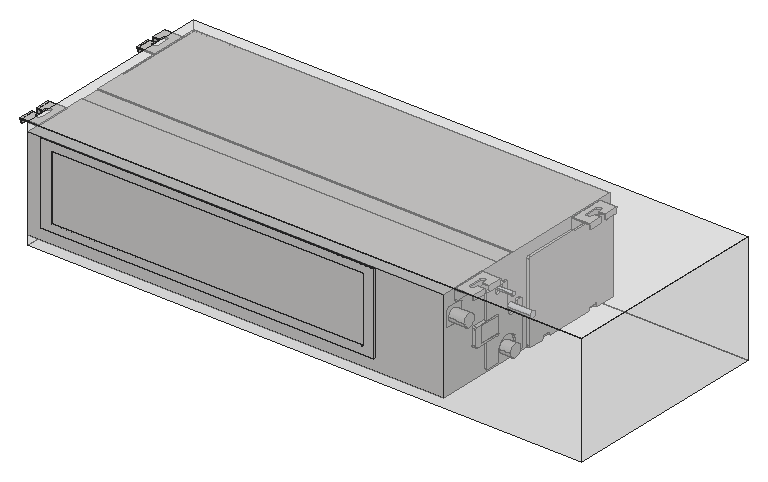
Revit family "outputfile", category 機械設備, Revit 2024
Family settings
  丸型コネクタ寸法 = 半径を使用
  パーツ タイプ = 標準
  OmniClass 番号 = 23.75.10.24.21.27.27
  OmniClass タイトル = Split System Air Conditioning Units
  作業面ベース = いいえ
  常に垂直 = はい
  ロード時にボイドで切り取り = いいえ
  注釈の向きを維持 = いいえ
  共有 = いいえ
  部屋計算ポイント = はい
Parameters (values of type "FPDAQ50APVM")
  Description = ""
  製造元 = "Daikin"
  書き出し IFC クラス(タイプ) = "IfcUnitaryEquipmentType"
  定義済み IFC タイプ(タイプ) = "AIRCONDITIONINGUNIT"
  Cost = 0
  モデル = "FPDAQ50APVM"
  Type Comments = ""
  Keynote = ""
  Type Image = (empty or 0)
  Assembly Code = ""
  lw_suctionflange = 36.75 mm  # constant formula
  r_Liquid Pipe Size = Liquid Pipe Size / 2  # 3.2 mm
  r_Gas Pipe Size = Gas Pipe Size / 2  # 6.35 mm
  r_Drain Pipe Size = Drain Pipe Size / 2  # 13.0 mm
  lw_dischargeflange = 60.0 mm  # constant formula
  lw_SA_left = 451.0 mm
  lw_SA = Width - 178.0 mm  # 722.0 mm
  lw_RA = 824.5 mm
  lh_suctionflange [instance] = if(Rear Connection_Return Air, -100.0 mm, -10.0 mm)  # -100.0 mm
  lh_power = 100.0 mm  # constant formula
  lh_mountinghole1 = lh_mountinghole  # 200.0 mm
  lh_dischargeflange = 112.0 mm  # constant formula
  lh_RA = 198.0 mm  # constant formula
  ld_dischargeflange = 225.0 mm  # constant formula
  ld_suctionflange [instance] = if(Rear Connection_Return Air, 190.0 mm, 100.0 mm)  # 190.0 mm
  angle_vertical_RA [instance] = if(Rear Connection_Return Air, 90.00°, 0.00°)  # 90.00°
  angle horizontal_RA [instance] = if(Rear Connection_Return Air, 180.00°, 270.00°)  # 180.00°
  Voltage_comment_60Hz = "220-230"
  Voltage_comment_50Hz = "220 - 240"
  Voltage_60Hz = 220 V
  Voltage_50Hz = 230 V
  URL = ""
  Supply Air Direction [instance] = yes
  Sound Power Level_H speed (dB) = 0
  Rear Connection_Return Air [instance] = not(Bottom Connection_Return Air)  # yes
  ld_RA = 190.0 mm  # constant formula
  Phase_60Hz = 1
  Phase_50Hz = 1
  Minimum External Static Pressure = 0.00 Pa
  Minimum Circuit Amps_60Hz = 0.63 A
  Minimum Circuit Amps_50Hz = 0.63 A
  Maximum Fuse Amps_60Hz = 16.0 A
  Maximum Fuse Amps_50Hz = 16.0 A
  Maximum External Static Pressure = 10.00 Pa
  Material_Casing = DAIKIN_GalvanizedSteel_Casing_indoorunit
  lw_mountinghole = 940.0 mm
  lh_gaspipe = -98.0 mm  # constant formula
  lh_mountinghole = 200.0 mm  # constant formula
  lh_liquidpipe = -45.5 mm  # constant formula
  lh_drainpipe = -50.0 mm  # constant formula
  lh_antena = 1.0 mm  # constant formula
  ld_drainpipe = 197.0 mm  # constant formula
  ld_liquidpipe = 84.0 mm  # constant formula
  ld_gaspipe = 46.5 mm  # constant formula
  ld_mountinghole = 315.0 mm  # constant formula
  h*** = 100.0 mm  # constant formula
  lw_liquidpipe = 40.0 mm  # constant formula
  lw_gaspipe = 51.0 mm  # constant formula
  lw_drainpipe = 33.0 mm  # constant formula
  Width = 900.0 mm
  Version = "ver.1.0"
  Unit Type = "3D Air Flow Ceiling Mounted Duct Type"
  Unit Mass Weight = 20.00 kg
  Unit Designation [instance] = ""
  Uniclass2015Version = "Products v1.30"
  Uniclass2015Title = "Variable refrigerant flow units"
  Uniclass2015Code = "Pr_70_65_03_94"
  Total Cooling Capacity [instance] = 0.000 kW
  Sound Pressure Level_M speed (dBA) = 35
  Sound Pressure Level_L speed (dBA) = 31
  Sound Pressure Level_H speed (dBA) = 39
  Series = "VRV HOME_Fan Coil Unit"
  Sensible Cooling Capacity [instance] = 0.000 kW
  SA Duct Size Width = 656.0 mm
  SA Duct Size Height = 141.0 mm
  Refrigerant Type = "R410A"
  RA Duct Size Width = 798.5 mm
  RA Duct Size Height = 172.0 mm
  Power Input (Cooling) = 0.049 kW
  Option Accessory 3 [instance] = ""
  Option Accessory 2 [instance] = ""
  Option Accessory 1 [instance] = ""
  Nominal Cooling Capacity = 5.600 kW
  Minimum Airflow = 630.00 m³/h
  Median Airflow = 780.00 m³/h
  Maximum Airflow = 900.00 m³/h
  Load Classification = HVAC
  Liquid Pipe Size = 6.4 mm
  Link_Nested Family [instance] = ""
  IfcVersion = ""
  IfcExportType = "AIRCONDITIONINGUNIT"
  IfcExportAs = "IfcUnitaryEquipmentType"
  Height = 200.0 mm
  Heat Exchanger Type = "Cross Fin Coil"
  Gas Pipe Size = 12.7 mm
  Frequency_60Hz = 60 Hz
  Frequency_50Hz = 50 Hz
  Fan Type = "Sirocco Fan"
  Fan Drive = "Direct Drive"
  FCU Tag No. [instance] = ""
  Drain Pipe Size = 26.0 mm
  Design Supply Airflow [instance] = 0.00 m³/h
  Design Return Airflow [instance] = 0.00 m³/h
  Design External Static Pressure [instance] = 0.00 Pa
  Depth = 450.0 mm
  既定の高さ = 0.0 mm
  Cooling Entering Wet Bulb Temperature [instance] = 0.00 °C
  Cooling Entering Dry Bulb Temperature [instance] = 0.00 °C
  Cooling Ambient Wet Bulb Temperature [instance] = 0.00 °C
  Cooling Ambient Dry Bulb Temperature [instance] = 0.00 °C
  Clearance visibility [instance] = yes
  Clearance Top = 20.0 mm
  Clearance Right = 300.0 mm
  Clearance Rear = 0.0 mm
  Clearance Left = 0.0 mm
  Clearance Front = 0.0 mm
  Clearance Bottom = 20.0 mm
  Bottom Connection_Return Air [instance] = no
  left_pipe = yes
Reference planes
  plane 1 "Center (Front/Back)": y = 0
  plane 2 "h": z = 0
  plane 3 "Center (Left/Right)": x = 0
  plane 4 "Back": y = 225
  plane 5 "Front": y = -225
  plane 6 "Left": x = -450
  plane 7 "Reight": x = 450
  plane 8 "Top": z = 0
  plane 9 "Bottom": z = -200
  plane 10: z = 1.2
  plane 11: z = -2
  plane 12: y = -136.255
  plane 13: z = -130.998
  plane 14: y = -88.831
  plane 15: x = -370
  plane 16 "lh_mountinghole": z = 0
  plane 17: y = -197
  plane 18: z = -50
  plane 19: y = -157.5
  plane 20: y = 157.5
  plane 21 "ld_liquidpipe": y = -84
  plane 22 "ld_gaspipe": y = -46.5
  plane 23: y = -215
  plane 24 "ld_maintenacesocket": y = -197
  plane 25: x = -470
  plane 26: x = -450
  plane 27: x = 448.7
  plane 28: x = 483
  plane 29: x = 457
  plane 30: x = 460
  plane 31: x = 458
  plane 32: x = 470
  plane 33: y = -62
  plane 34: x = 475.5
  plane 35: x = 448
  plane 36: y = 225
  plane 37: y = -225
  plane 38: x = -450
  plane 39: x = 750
  plane 40: z = 20
  plane 41: z = -220
  plane 42: y = 250
  plane 43: z = -198
  plane 44: z = 205.102
  plane 45 "d_liquid_pipe": x = 490
  plane 46 "d_gas_pipe": x = 501
  plane 47 "ld_SA": y = -225
  plane 48: x = -350
  plane 49: x = -60
  plane 50: y = 415
  plane 51: z = -88
  plane 52: z = -189.5
  plane 53: x = -449
  plane 54: z = -199
  plane 55: z = -1
  plane 56: y = 35
  plane 57: y = 25
  plane 58: z = -10
  plane 59 "RA_width": x = -36.75
  plane 60: y = 125
  plane 61 "RA_depth": y = 35
  plane 62: z = -100
  plane 63: x = -349
  plane 64: y = 224
  plane 65: x = 342.57
  plane 66: z = -31.16
  plane 67: x = 402
  plane 68: y = 158.8
  plane 69 "h86.5": z = -113.5
  plane 70: y = 111
Forms (mm)
  Extrusion 1, solid, material "DAIKIN_GalvanizedSteel_Casing_indoorunit" <- "Material_Casing"
    sketch origin (0, 0, 0) x (1, 0, 0) y (0, 1, 0)
      loop
        line (-450, 225) -> (-450, -225) -> (450, -225) -> (450, 225) -> (-450, 225)
    from -200 to 0
  Extrusion 2, solid, material "DAIKIN_GalvanizedSteel_Casing_indoorunit" <- "Material_Casing"
    sketch origin (0, 0.312, 0) x (0, 1, 0) y (0, 0, 1)
      loop
        line (182.791, -198) -> (224.688, -198) -> (224.688, -22.445) -> (195.656, -22.445) -> (192.165, -25.937) -> (122.336, -25.937) -> (118.844, -22.445) -> (1.633, -22.445)
        arc (1.633, -22.445) -> (-0.483, -23.322) -> (-1.36, -25.438) r 2.993
        line (-1.36, -25.438) -> (-1.36, -195.007)
        arc (-1.36, -195.007) -> (-0.483, -197.123) -> (1.633, -198) r 2.993
        line (1.633, -198) -> (31.061, -198)
        arc (31.061, -198) -> (33.177, -197.124) -> (34.053, -195.008) r 2.992
        line (34.053, -195.008) -> (34.053, -188.29)
        arc (34.053, -188.29) -> (35.55, -186.794) -> (37.046, -188.29) r 1.496
        line (37.046, -188.29) -> (37.046, -190.333) -> (52.01, -190.333) -> (52.01, -188.29)
        arc (52.01, -188.29) -> (53.506, -186.794) -> (55.002, -188.29) r 1.496
        line (55.002, -188.29) -> (55.002, -195.007)
        arc (55.002, -195.007) -> (55.879, -197.123) -> (57.995, -198) r 2.993
        line (57.995, -198) -> (155.756, -198)
        arc (155.756, -198) -> (157.872, -197.123) -> (158.749, -195.007) r 2.993
        line (158.749, -195.007) -> (158.749, -188.29)
        arc (158.749, -188.29) -> (160.245, -186.794) -> (161.741, -188.29) r 1.496
        line (161.741, -188.29) -> (161.741, -190.333) -> (176.705, -190.333) -> (176.705, -188.29)
        arc (176.705, -188.29) -> (178.201, -186.794) -> (179.697, -188.29) r 1.496
        line (179.697, -188.29) -> (179.697, -195.005)
        arc (179.697, -195.005) -> (180.571, -197.115) -> (182.682, -197.989) r 2.984
      loop
        arc (-61.313, -42.952) -> (-62.034, -41.571) -> (-63.466, -40.958) r 2.32
        line (-63.466, -40.958) -> (-70.317, -40.958)
        arc (-70.317, -40.958) -> (-71.728, -41.542) -> (-72.313, -42.953) r 1.995
        line (-72.313, -42.953) -> (-72.313, -45.5)
        arc (-72.313, -45.5) -> (-84.313, -57.5) -> (-96.313, -45.5) r 12
        line (-96.313, -45.5) -> (-96.313, -42.953)
        arc (-96.313, -42.953) -> (-96.897, -41.542) -> (-98.308, -40.958) r 1.995
        line (-98.308, -40.958) -> (-115.14, -40.958)
        arc (-115.14, -40.958) -> (-116.551, -41.542) -> (-117.135, -42.953) r 1.995
        line (-117.135, -42.953) -> (-117.135, -189.5) -> (-22.307, -189.5) -> (-22.307, -92.768)
        arc (-22.307, -92.768) -> (-22.891, -91.358) -> (-24.302, -90.773) r 1.995
        line (-24.302, -90.773) -> (-30.318, -90.773)
        arc (-30.318, -90.773) -> (-31.728, -91.358) -> (-32.313, -92.768) r 1.995
        line (-32.313, -92.768) -> (-32.313, -99.963)
        arc (-32.313, -99.963) -> (-47.621, -112.774) -> (-61.313, -98.249) r 14.551
        line (-61.313, -98.249) -> (-61.313, -42.952)
    from 450 to 457
  Extrusion 3, solid, material "DAIKIN_GalvanizedSteel_Casing_indoorunit" <- "Material_Casing"
    sketch origin (0, 0, 0) x (0, 1, 0) y (0, 0, 1)
      loop
        line (-91.821, -94.277) -> (-145.472, -94.277)
        arc (-145.472, -94.277) -> (-147.727, -95.07) -> (-148.682, -97.262) r 2.993
        line (-148.682, -97.262) -> (-148.682, -131.007)
        arc (-148.682, -131.007) -> (-147.871, -133.233) -> (-145.694, -134.172) r 2.993
        line (-145.694, -134.172) -> (-92.043, -134.172)
        arc (-92.043, -134.172) -> (-89.788, -133.378) -> (-88.833, -131.187) r 2.993
        line (-88.833, -131.187) -> (-88.831, -97.148)
        arc (-88.831, -97.148) -> (-89.748, -95.111) -> (-91.821, -94.277) r 2.993
    from 450 to 460
  Extrusion 4, void
    sketch origin (0, 0, 0) x (1, 0, 0) y (0, 1, 0)
      loop
        line (448.7, -35.647) -> (-450, -35.647) -> (-450, -77.912) -> (448.7, -77.912) -> (448.7, -35.647)
    from -2 to 0
  Extrusion 5, void
    sketch origin (0, 0, 0) x (0, 1, 0) y (0, 0, 1)
      loop
        line (-136.255, -95.719) -> (-136.255, -130.724) -> (-88.831, -130.724) -> (-88.831, -95.719) -> (-136.255, -95.719)
    from 458 to 460
  Extrusion 6, void
    sketch origin (0, 0, 29.537) x (0, 1, 0) y (0, 0, 1)
      loop
        arc (-37.558, -199.001) -> (-61.998, -174.561) -> (-86.438, -199.001) r 24.44
        line (-86.438, -199.001) -> (-86.438, -219.037) -> (-37.558, -219.037) -> (-37.558, -199.001)
    from 457 to 450
  Extrusion 7, solid, material "DAIKIN_GalvanizedSteel_Casing_indoorunit" <- "Material_Casing"
    sketch origin (0, 0, 0) x (0, 1, 0) y (0, 0, 1)
      loop
        circle (-62, -170) r 12.968
    from 450 to 475.5
  Extrusion 8, solid, material "DAIKIN_GalvanizedSteel_Casing_indoorunit" <- "Material_Casing"
    sketch origin (0, 0, 0) x (0, 1, 0) y (0, 0, 1)
      loop
        circle (-197, -50) r 13
    from 448 to 483
  Extrusion 9, void
    sketch origin (0, 0, 0) x (0, 1, 0) y (0, 0, 1)
      loop
        arc (-212.961, -29.051) -> (-216.488, -30.512) -> (-217.949, -34.039) r 4.988
        line (-217.949, -34.039) -> (-217.949, -63.961)
        arc (-217.949, -63.961) -> (-216.488, -67.488) -> (-212.961, -68.949) r 4.988
        line (-212.961, -68.949) -> (-181.039, -68.949)
        arc (-181.039, -68.949) -> (-177.512, -67.488) -> (-176.051, -63.961) r 4.988
        line (-176.051, -63.961) -> (-176.051, -34.039)
        arc (-176.051, -34.039) -> (-177.512, -30.512) -> (-181.039, -29.051) r 4.988
        line (-181.039, -29.051) -> (-212.961, -29.051)
    from 448 to 450
  Extrusion 10, solid
    sketch origin (0, 0, 0) x (0, 1, 0) y (0, 0, 1)
      loop
        circle (-84, -45.5) r 3.2
    from 450 to 490
  Extrusion 11, solid
    sketch origin (0, 0, 0) x (0, 1, 0) y (0, 0, 1)
      loop
        circle (-46.5, -98) r 6.35
    from 450 to 501
  Extrusion 12, solid, material "DAIKIN_GalvanizedSteel_Casing_indoorunit" <- "Material_Casing"
    sketch origin (0, 0, 0) x (1, 0, 0) y (0, 1, 0)
      loop
        circle (402, 158.8) r 25
    from -198 to -200
  Extrusion 13, void
    sketch origin (0, 0, 0) x (1, 0, 0) y (0, 0, 1)
      loop
        line (-449, -1) -> (-449, -199) -> (362.5, -199) -> (362.5, -1) -> (-449, -1)
    from -225 to -35
  Extrusion 14, void
    sketch origin (0, 0, 0) x (1, 0, 0) y (0, 1, 0)
      loop
        line (-449, 224) -> (-449, 26) -> (362.5, 26) -> (362.5, 224) -> (-449, 224)
    from -200 to -10
  Extrusion 15, solid, material "DAIKIN_GalvanizedSteel_Casing_indoorunit" <- "Material_Casing", visible <- "Rear Connection_Return Air"
    sketch origin (0, 0, 0) x (1, 0, 0) y (0, 1, 0)
      loop
        line (362.5, 224) -> (-449, 224) -> (-449, 26) -> (362.5, 26) -> (362.5, 224)
    from -200 to -199
  Extrusion 16, solid, material "DAIKIN_GalvanizedSteel_Casing_indoorunit" <- "Material_Casing", visible <- "Bottom Connection_Return Air"
    sketch origin (0, 0, 0) x (1, 0, 0) y (0, 0, 1)
      loop
        line (362.5, -1) -> (-449, -1) -> (-449, -199) -> (362.5, -199) -> (362.5, -1)
    from -225 to -215
  Extrusion 17, void
    sketch origin (-450, 0, 0) x (0, 1, 0) y (0, 0, 1)
      loop
        line (152, -88.5) -> (70, -88.5) -> (70, -138.5) -> (152, -138.5) -> (152, -88.5)
    from 0 to 0.5
  Revolve 18, solid, material "DAIKIN_GalvanizedSteel_Casing_indoorunit" <- "Material_Casing", visible <- "left_pipe"
    sketch origin (0, 0, -113.5) x (0, 1, 0) y (-1, 0, 0)
      loop
        line (111, 449.5) -> (111, 473) -> (103.5, 473) -> (103.5, 459) -> (93.5, 459) -> (93.5, 457.5) -> (90, 457.5) -> (90, 449.5) -> (111, 449.5)
      axis (111, 473) -> (111, 449.5)
    angle from 0 to 360
Cuts and joins
  Extrusion 4, Extrusion 5, Extrusion 9, Extrusion 13, Extrusion 14, Extrusion 17 cuts Extrusion 1
  Extrusion 5 cuts Extrusion 3
  Extrusion 6 cuts Extrusion 2
  Extrusion 13 cuts Extrusion 8
Dimensions and locks
  "Height": plane 8 "Top" to plane 9 "Bottom"
  locked: plane 10 to plane 8 "Top" at 1.2
  locked: plane 8 "Top" to plane 11 at 2
  locked: Extrusion 6 sketch curve to Extrusion 6 sketch curve at 48.881
  locked: Extrusion 6 sketch curve to Extrusion 6 sketch curve at 20.035  (x2)
  equal spacing: plane 19, plane 1 "Center (Front/Back)", plane 20
  "ld_mountinghole": plane 19 to plane 20
  "ld_gaspipe": plane 22 "ld_gaspipe" to plane 1 "Center (Front/Back)"
  "ld_liquidpipe": plane 21 "ld_liquidpipe" to plane 1 "Center (Front/Back)"
  "ld_drainpipe": plane 24 "ld_maintenacesocket" to plane 1 "Center (Front/Back)"
  equal spacing: plane 4 "Back", plane 1 "Center (Front/Back)", plane 5 "Front"
  "Depth": plane 4 "Back" to plane 5 "Front"
  locked: plane 12 to plane 1 "Center (Front/Back)" at 136.255
  locked: plane 12 to plane 14 at 47.425
  locked: plane 14 to plane 1 "Center (Front/Back)" at 88.831
  locked: plane 13 to plane 9 "Bottom" at 69.002
  equal spacing: plane 6 "Left", plane 3 "Center (Left/Right)", plane 7 "Reight"
  "Width": plane 6 "Left" to plane 7 "Reight"
  "lw_drainpipe": plane 7 "Reight" to plane 28
  locked: plane 7 "Reight" to plane 29 at 7
  locked: plane 30 to plane 28 at 23
  locked: plane 31 to plane 28 at 25
  equal spacing: plane 25, plane 3 "Center (Left/Right)", plane 32
  "lw_mountinghole": plane 25 to plane 32
  locked: plane 7 "Reight" to plane 34 at 25.5
  locked: plane 35 to plane 7 "Reight" at 2
  "Clearance Left": plane 38 to plane 6 "Left"
  "Clearance Right": plane 7 "Reight" to plane 39
  "Clearance Rear": plane 36 to plane 4 "Back"
  "Clearance Front": plane 5 "Front" to plane 37
  "Clearance Top": plane 40 to plane 8 "Top"
  "Clearance Bottom": plane 9 "Bottom" to plane 41
  locked: plane 42 to plane 4 "Back" at 25
  locked: plane 27 to plane 7 "Reight" at 1.3
  locked: plane 43 to plane 9 "Bottom" at 2
  "lw_liquidpipe": plane 7 "Reight" to plane 45 "d_liquid_pipe"
  "lw_gaspipe": plane 7 "Reight" to plane 46 "d_gas_pipe"
  "lh_mountinghole": plane 16 "lh_mountinghole" to plane 9 "Bottom"
  "ld_suctionflange": plane 50 to plane 4 "Back"
  "lw_dischargeflange": plane 49 to plane 3 "Center (Left/Right)"
  "lh_dischargeflange": plane 51 to plane 9 "Bottom"
  locked: plane 52 to plane 9 "Bottom" at 10.5
  locked: plane 33 to plane 1 "Center (Front/Back)" at 62
  locked: plane 8 "Top" to plane 55 at 1
  locked: plane 53 to plane 6 "Left" at 1
  locked: plane 54 to plane 9 "Bottom" at 1
  locked: plane 58 to plane 9 "Bottom" at 190
  locked: plane 4 "Back" to plane 56 at 190
  locked: plane 4 "Back" to plane 57 at 200
  locked: plane 4 "Back" to plane 60 at 100
  "lw_suctionflange": plane 59 "RA_width" to plane 3 "Center (Left/Right)"
  "ld_suctionflange": plane 4 "Back" to plane 61 "RA_depth"
  "lh_power": plane 62 to plane 9 "Bottom"
  locked: plane 48 to plane 63 at 1
  locked: plane 36 to plane 64 at 1
  locked: plane 8 "Top" to plane 66 at 31.16
  locked: plane 7 "Reight" to plane 65 at 107.43
  locked: plane 18 to plane 9 "Bottom" at 150
  locked: plane 67 to plane 7 "Reight" at 48
  locked: Extrusion 17 sketch curve to Extrusion 17 sketch curve at 82
  locked: Extrusion 17 sketch curve to Extrusion 17 sketch curve at 50
  locked: plane 4 "Back" to Extrusion 17 sketch curve at 73
  locked: Extrusion 17 sketch curve to plane 9 "Bottom" at 61.5
  locked: plane 69 "h86.5" to plane 9 "Bottom" at 86.5
  locked: plane 4 "Back" to plane 70 at 114
  locked: plane 70 to Revolve 18 sketch curve at 21
  locked: plane 70 to Revolve 18 sketch curve at 17.5
  locked: plane 70 to Revolve 18 sketch curve at 7.5
  locked: Revolve 18 sketch curve to plane 6 "Left" at 23
  cut or joined group of Extrusion 1, Extrusion 4, Extrusion 5, Extrusion 9, Extrusion 13, Extrusion 14, Extrusion 17 to nested 16 = 798.5 mm
  nested 16 to nested 9 = 14.0 mm
  nested 16 to cut or joined group of Extrusion 1, Extrusion 4, Extrusion 5, Extrusion 9, Extrusion 13, Extrusion 14, Extrusion 17 = 13.0 mm
  "ld_dischargeflange": plane 47 "ld_SA" to plane 1 "Center (Front/Back)"
  plane 4 "Back" to plane 68 = 66.2 mm
  "Drain Pipe Size": diameter of Extrusion 8 sketch curve
  "Liquid Pipe Size": diameter of Extrusion 10 sketch curve
  "Gas Pipe Size": diameter of Extrusion 11 sketch curve
  aligned and locked: level to plane 2 "h"
  aligned and locked: plane 8 "Top" to Extrusion 1
  aligned and locked: Extrusion 1 to plane 9 "Bottom"
  aligned and locked: cut or joined group of Extrusion 1, Extrusion 4, Extrusion 5, Extrusion 9, Extrusion 13, Extrusion 14, Extrusion 17 to plane 8 "Top"
  aligned and locked: Extrusion 4 to plane 11
  aligned and locked: plane 8 "Top" to Extrusion 4
  aligned and locked: Extrusion 3 to Extrusion 5
  aligned and locked: plane 14 to Extrusion 5 sketch curve
  aligned and locked: Extrusion 5 sketch curve to plane 12
  aligned and locked: plane 19 to nested 1
  aligned and locked: nested 3 to plane 19
  aligned and locked: nested 2 to plane 20
  aligned and locked: nested 4 to plane 22 "ld_gaspipe"
  aligned and locked: nested 5 to plane 21 "ld_liquidpipe"
  aligned and locked: nested 6 to plane 24 "ld_maintenacesocket"
  aligned and locked: plane 4 "Back" to cut or joined group of Extrusion 2, Extrusion 6
  aligned and locked: nested 1 to plane 7 "Reight"
  aligned and locked: plane 6 "Left" to plane 26
  aligned and locked: Extrusion 4 sketch curve to plane 26
  aligned and locked: Extrusion 4 sketch curve to plane 27
  aligned and locked: cut or joined group of Extrusion 1, Extrusion 4, Extrusion 5, Extrusion 9, Extrusion 13, Extrusion 14, Extrusion 17 to plane 6 "Left"
  aligned and locked: plane 7 "Reight" to cut or joined group of Extrusion 1, Extrusion 4, Extrusion 5, Extrusion 9, Extrusion 13, Extrusion 14, Extrusion 17
  aligned and locked: plane 28 to Extrusion 8
  aligned and locked: Extrusion 8 to plane 28  (x2)
  aligned and locked: cut or joined group of Extrusion 2, Extrusion 6 to plane 29
  aligned and locked: plane 29 to cut or joined group of Extrusion 2, Extrusion 6  (x3)
  aligned and locked: plane 7 "Reight" to nested 1
  aligned and locked: cut or joined group of Extrusion 2, Extrusion 6 to plane 7 "Reight"
  aligned and locked: Extrusion 2 to Extrusion 6
  aligned and locked: Extrusion 6 to plane 7 "Reight"
  aligned and locked: plane 30 to cut or joined group of Extrusion 3, Extrusion 5
  aligned and locked: cut or joined group of Extrusion 3, Extrusion 5 to plane 31
  aligned and locked: nested 2 to plane 6 "Left"
  aligned and locked: nested 3 to plane 6 "Left"
  aligned and locked: plane 33 to Extrusion 7 sketch curve
  aligned and locked: Extrusion 7 to plane 7 "Reight"
  aligned and locked: plane 34 to Extrusion 7
  aligned and locked: Extrusion 3 to plane 7 "Reight"
  aligned and locked: plane 7 "Reight" to Extrusion 9
  aligned and locked: plane 35 to Extrusion 9
  aligned and locked: plane 35 to Extrusion 8
  aligned and locked: plane 20 to nested 7
  aligned and locked: plane 3 "Center (Left/Right)" to nested 8
  aligned and locked: plane 1 "Center (Front/Back)" to nested 8
  aligned and locked: plane 7 "Reight" to nested 7
  aligned and locked: plane 4 "Back" to cut or joined group of Extrusion 1, Extrusion 4, Extrusion 5, Extrusion 9, Extrusion 13, Extrusion 14, Extrusion 17
  aligned and locked: nested 9 to plane 37
  aligned and locked: plane 38 to nested 9
  aligned and locked: plane 39 to nested 9
  aligned and locked: nested 9 to plane 38
  aligned and locked: plane 36 to nested 9
  aligned and locked: plane 40 to nested 9
  aligned and locked: plane 41 to nested 9
  aligned and locked: cut or joined group of Extrusion 1, Extrusion 4, Extrusion 5, Extrusion 9, Extrusion 13, Extrusion 14, Extrusion 17 to plane 9 "Bottom"
  aligned and locked: Extrusion 10 to plane 7 "Reight"
  aligned and locked: plane 45 "d_liquid_pipe" to Extrusion 10
  aligned and locked: plane 22 "ld_gaspipe" to Extrusion 11 sketch curve
  aligned and locked: Extrusion 11 to plane 7 "Reight"
  aligned and locked: plane 46 "d_gas_pipe" to Extrusion 11
  aligned and locked: plane 46 "d_gas_pipe" to nested 4
  aligned and locked: plane 45 "d_liquid_pipe" to nested 5
  aligned and locked: plane 21 "ld_liquidpipe" to Extrusion 10 sketch curve
  aligned and locked: plane 16 "lh_mountinghole" to nested 3
  aligned and locked: plane 16 "lh_mountinghole" to nested 2
  aligned and locked: plane 16 "lh_mountinghole" to nested 1
  aligned and locked: plane 16 "lh_mountinghole" to nested 7
  aligned and locked: plane 32 to nested 10
  aligned and locked: plane 19 to nested 10
  aligned and locked: plane 32 to nested 13
  aligned and locked: plane 20 to nested 13
  aligned and locked: plane 25 to nested 11
  aligned and locked: plane 20 to nested 11
  aligned and locked: plane 25 to nested 12
  aligned and locked: plane 19 to nested 12
  aligned and locked: plane 49 to nested 14
  aligned and locked: plane 51 to nested 14
  aligned and locked: plane 20 to nested 15
  aligned and locked: plane 52 to Extrusion 2 sketch curve
  aligned and locked: cut or joined group of Extrusion 2, Extrusion 6 to Extrusion 12
  aligned and locked: Extrusion 12 to plane 9 "Bottom"
  aligned and locked: nested 15 to plane 9 "Bottom"
  aligned and locked: Extrusion 2 sketch curve to plane 43  (x3)
  aligned and locked: plane 53 to Extrusion 13 sketch curve
  aligned and locked: Extrusion 13 sketch curve to plane 55
  aligned and locked: plane 54 to Extrusion 13 sketch curve
  aligned and locked: plane 4 "Back" to Extrusion 13
  aligned and locked: nested 16 to cut or joined group of Extrusion 1, Extrusion 4, Extrusion 5, Extrusion 9, Extrusion 13, Extrusion 14, Extrusion 17
  aligned and locked: Extrusion 14 to plane 9 "Bottom"
  aligned and locked: plane 58 to Extrusion 14
  aligned and locked: Extrusion 15 sketch curve to cut or joined group of Extrusion 1, Extrusion 4, Extrusion 5, Extrusion 9, Extrusion 13, Extrusion 14, Extrusion 17  (x2)
  aligned and locked: cut or joined group of Extrusion 1, Extrusion 4, Extrusion 5, Extrusion 9, Extrusion 13, Extrusion 14, Extrusion 17 to Extrusion 15 sketch curve
  aligned and locked: Extrusion 15 to plane 9 "Bottom"
  aligned and locked: Extrusion 13 to plane 56
  aligned and locked: Extrusion 16 sketch curve to cut or joined group of Extrusion 1, Extrusion 4, Extrusion 5, Extrusion 9, Extrusion 13, Extrusion 14, Extrusion 17  (x3)
  aligned and locked: plane 4 "Back" to Extrusion 16
  aligned and locked: Extrusion 15 to cut or joined group of Extrusion 1, Extrusion 4, Extrusion 5, Extrusion 9, Extrusion 13, Extrusion 14, Extrusion 17
  aligned and locked: plane 7 "Reight" to nested 6
  aligned and locked: plane 24 "ld_maintenacesocket" to nested 6
  aligned and locked: plane 61 "RA_depth" to nested 17
  aligned and locked: plane 67 to Extrusion 12 sketch curve
  aligned and locked: plane 68 to Extrusion 12 sketch curve
  aligned and locked: plane 67 to nested 15
  aligned and locked: nested 18 to Extrusion 16
  aligned and locked: plane 70 to Revolve 18 sketch curve
  aligned and locked: plane 49 to nested 19
  aligned and locked: plane 47 "ld_SA" to nested 19
  aligned and locked: plane 1 "Center (Front/Back)" to nested 14
  aligned and locked: nested 19 to plane 51
Automatic sketch dimensions
  Extrusion 3 sketch curve to Extrusion 3 sketch curve = 0.217 mm  (x2)
  Extrusion 3 sketch curve to Extrusion 3 sketch curve = 2.985 mm  (x2)
  Extrusion 3 sketch curve to Extrusion 3 sketch curve = 53.651 mm
  Extrusion 3 sketch curve to Extrusion 3 sketch curve = 2.988 mm
  Extrusion 3 sketch curve to Extrusion 3 sketch curve = 0.172 mm
  Extrusion 3 sketch curve to Extrusion 3 sketch curve = 0.222 mm
  Extrusion 3 sketch curve to Extrusion 3 sketch curve = 2.993 mm
  Extrusion 3 sketch curve to Extrusion 3 sketch curve = 0.008 mm
  plane 1 "Center (Front/Back)" to Extrusion 4 sketch curve = 77.912 mm
  plane 1 "Center (Front/Back)" to Extrusion 4 sketch curve = 35.647 mm
  plane 9 "Bottom" to Extrusion 7 sketch curve = 30.0 mm
  Extrusion 3 sketch curve to Extrusion 3 sketch curve = 2.99 mm
  plane 9 "Bottom" to Extrusion 3 sketch curve = 65.828 mm
  Extrusion 3 sketch curve to Extrusion 3 sketch curve = 33.917 mm
  Extrusion 3 sketch curve to Extrusion 3 sketch curve = 33.745 mm
  Extrusion 3 sketch curve to plane 19 = 8.818 mm
  plane 23 to Extrusion 1 sketch curve = 10.0 mm
  Extrusion 1 sketch curve to plane 6 "Left" = 0.0 mm
  Extrusion 1 sketch curve to plane 7 "Reight" = 0.0 mm
  plane 23 to Extrusion 9 sketch curve = 2.949 mm
  Extrusion 9 sketch curve to plane 23 = 2.039 mm  (x2)
  Extrusion 9 sketch curve to plane 24 "ld_maintenacesocket" = 15.961 mm
  Extrusion 9 sketch curve to Extrusion 9 sketch curve = 4.988 mm  (x2)
  Extrusion 1 sketch curve to plane 4 "Back" = 0.0 mm
  plane 21 "ld_liquidpipe" to Extrusion 6 sketch curve = 2.438 mm
  plane 43 to Extrusion 6 sketch curve = 8.5 mm
  plane 6 "Left" to Extrusion 14 sketch curve = 1.0 mm
  Extrusion 14 sketch curve to plane 7 "Reight" = 87.5 mm
  Extrusion 14 sketch curve to plane 4 "Back" = 1.0 mm
  Extrusion 15 sketch curve to plane 4 "Back" = 1.0 mm
  plane 51 to Extrusion 5 sketch curve = 7.719 mm
  Extrusion 9 sketch curve to plane 51 = 19.051 mm
  Extrusion 9 sketch curve to plane 58 = 24.039 mm
  Extrusion 10 sketch curve to plane 58 = 35.5 mm
  plane 35 to Extrusion 16 sketch curve = 85.5 mm
  plane 35 to Extrusion 13 sketch curve = 85.5 mm
  plane 57 to Extrusion 14 sketch curve = 1.0 mm
  Extrusion 8 sketch curve to plane 17 = 0.0 mm
  Extrusion 8 sketch curve to plane 18 = 0.0 mm
  plane 62 to Extrusion 11 sketch curve = 2.0 mm
  plane 13 to Extrusion 5 sketch curve = 0.274 mm
  Revolve 18 sketch curve to plane 70 = 0.0 mm
  plane 6 "Left" to Revolve 18 sketch curve = 0.5 mm
  Revolve 18 sketch curve to Revolve 18 sketch curve = 24.26 mm
  Revolve 18 sketch curve to Revolve 18 sketch curve = 20.32 mm
  Extrusion 2 sketch curve to plane 4 "Back" = 0.0 mm
  plane 66 to Extrusion 2 sketch curve = 5.223 mm
  Extrusion 2 sketch curve to plane 4 "Back" = 32.523 mm
  plane 43 to Extrusion 2 sketch curve = 2.995 mm
  Extrusion 2 sketch curve to plane 20 = 25.494 mm
  plane 52 to Extrusion 2 sketch curve = 1.21 mm  (x4)
  Extrusion 2 sketch curve to Extrusion 2 sketch curve = 2.984 mm
  Extrusion 2 sketch curve to Extrusion 2 sketch curve = 1.496 mm  (x3)
  Extrusion 2 sketch curve to plane 52 = 0.833 mm  (x2)
  Extrusion 2 sketch curve to plane 20 = 4.554 mm
  plane 20 to Extrusion 2 sketch curve = 1.432 mm
  Extrusion 2 sketch curve to plane 60 = 2.352 mm
  Extrusion 2 sketch curve to Extrusion 2 sketch curve = 3.492 mm
  plane 43 to Extrusion 2 sketch curve = 2.993 mm
  plane 56 to Extrusion 2 sketch curve = 23.307 mm
  plane 56 to Extrusion 2 sketch curve = 2.359 mm
  plane 56 to Extrusion 2 sketch curve = 0.862 mm
  Extrusion 2 sketch curve to plane 56 = 0.634 mm
  Extrusion 2 sketch curve to Extrusion 2 sketch curve = 2.992 mm
  Extrusion 2 sketch curve to plane 1 "Center (Front/Back)" = 1.945 mm  (x2)
  plane 1 "Center (Front/Back)" to Extrusion 2 sketch curve = 1.047 mm
  Extrusion 2 sketch curve to Extrusion 2 sketch curve = 20.947 mm
  Extrusion 2 sketch curve to Extrusion 2 sketch curve = 1.995 mm  (x4)
  Extrusion 2 sketch curve to Extrusion 2 sketch curve = 6.016 mm
  plane 62 to Extrusion 2 sketch curve = 0.037 mm
  Extrusion 2 sketch curve to plane 22 "ld_gaspipe" = 0.051 mm
  Extrusion 2 sketch curve to plane 66 = 11.792 mm
  Extrusion 2 sketch curve to Extrusion 2 sketch curve = 30.995 mm
  Extrusion 2 sketch curve to Extrusion 2 sketch curve = 2.154 mm
  Extrusion 2 sketch curve to Extrusion 2 sketch curve = 0.144 mm
  Extrusion 2 sketch curve to Extrusion 2 sketch curve = 6.708 mm
  plane 21 "ld_liquidpipe" to Extrusion 2 sketch curve = 0.0 mm
  Extrusion 2 sketch curve to plane 66 = 9.798 mm
  Extrusion 2 sketch curve to Extrusion 2 sketch curve = 16.833 mm
  plane 21 "ld_liquidpipe" to Extrusion 2 sketch curve = 32.823 mm
  plane 51 to Extrusion 2 sketch curve = 4.768 mm
  Extrusion 2 sketch curve to Extrusion 2 sketch curve = 2.547 mm
  Extrusion 2 sketch curve to Extrusion 2 sketch curve = 0.321 mm
  plane 66 to Extrusion 2 sketch curve = 5.722 mm
  Extrusion 2 sketch curve to Extrusion 2 sketch curve = 3.491 mm
  Extrusion 2 sketch curve to Extrusion 2 sketch curve = 0.11 mm
  Extrusion 2 sketch curve to Extrusion 2 sketch curve = 0.0 mm
  plane 66 to Extrusion 2 sketch curve = 8.715 mm
  Revolve 18 sketch curve to Revolve 18 sketch curve = 1.5 mm
  Revolve 18 sketch curve to plane 6 "Left" = 7.5 mm
  radius of Extrusion 7 sketch curve = 12.968 mm
  radius of Extrusion 12 sketch curve = 25.0 mm
Nested families
  nested 1: "daikin_hangerfixture_FPDSQ-APVM" at (450, -157.5, 0), type "daikin_hangerfixture_FPDSQ-APVM"
  nested 2: "daikin_hangerfixture_FPDSQ-APVM" at (-450, 157.5, 0) x (-1, 0, 0) z (0, 0, 1), type "daikin_hangerfixture_FPDSQ-APVM"
  nested 3: "daikin_hangerfixture_FPDSQ-APVM" at (-450, -157.5, 0) x (-1, 0, 0) z (0, 0, 1), type "daikin_hangerfixture_FPDSQ-APVM"
  nested 4: "daikin_connector_rotate2" at (450, -46.5, -98) x (0, 1, 0) z (0, 0, 1), length <- "lw_gaspipe", built-in parameter 1001364 <- "lh_gaspipe", type "daikin_connector_rotate2"
    with radius 6.35 mm, length 51.0 mm, angle_vertical 90.00°
  nested 5: "daikin_connector_rotate2" at (450, -84, -45.5) x (0, 1, 0) z (0, 0, 1), length <- "lw_liquidpipe", built-in parameter 1001364 <- "lh_liquidpipe", type "daikin_connector_rotate2"
    with radius 3.2 mm, length 40.0 mm, angle_vertical 90.00°
  nested 6: "daikin_connector_rotate2" at (450, -197, -50) x (0, 1, 0) z (0, 0, 1), length <- "lw_drainpipe", built-in parameter 1001364 <- "lh_drainpipe", type "daikin_connector_rotate2"
    with radius 13.0 mm, length 33.0 mm, angle_vertical 90.00°
  nested 7: "daikin_hangerfixture_FPDSQ-APVM" at (450, 157.5, 0), type "daikin_hangerfixture_FPDSQ-APVM"
  nested 8: "daikin_△_symbolicline" at (0, 0, 200), built-in parameter 1001364 <- "Height", visible <- "Supply Air Direction", type "daikin_△_symbolicline"
    with length 200.0 mm
  nested 9: "daikin_clearancespace" at (150, 0, -99.881), visible <- "Clearance visibility", show <- "Clearance visibility", Link_Nested Family <- "Link_Nested Family", type "daikin_clearancespace"
    with width 1200.0 mm, show yes, height 240.0 mm, depth 450.0 mm, Link_Nested Family ""
  nested 10: "daikin_mountinghole" at (470, -157.5, -200), l_antenna <- "lh_antena", Link_Nested Family <- "Link_Nested Family", h_mountinghole <- "lh_mountinghole1", type "daikin_mountinghole"
    with show yes, l_antenna 1.0 mm, h_mountinghole 200.0 mm, Link_Nested Family ""
  nested 11: "daikin_mountinghole" at (-470, 157.5, -200), l_antenna <- "lh_antena", Link_Nested Family <- "Link_Nested Family", h_mountinghole <- "lh_mountinghole1", type "daikin_mountinghole"
    with show yes, l_antenna 1.0 mm, h_mountinghole 200.0 mm, Link_Nested Family ""
  nested 12: "daikin_mountinghole" at (-470, -157.5, -200), l_antenna <- "lh_antena", Link_Nested Family <- "Link_Nested Family", h_mountinghole <- "lh_mountinghole1", type "daikin_mountinghole"
    with show yes, l_antenna 1.0 mm, h_mountinghole 200.0 mm, Link_Nested Family ""
  nested 13: "daikin_mountinghole" at (470, 157.5, -200), l_antenna <- "lh_antena", Link_Nested Family <- "Link_Nested Family", h_mountinghole <- "lh_mountinghole1", type "daikin_mountinghole"
    with show yes, l_antenna 1.0 mm, h_mountinghole 200.0 mm, Link_Nested Family ""
  nested 14: "daikin_connector_rotate2" at (-60, 0, -88), length <- "ld_dischargeflange", type "daikin_connector_rotate2"
    with radius 10.0 mm, length 225.0 mm, angle_vertical 90.00°
  nested 15: "daikin_connector_rotate2" at (402, 157.5, -100) x (1, 0, 0) z (0, -1, 0), length <- "lh_power", type "daikin_connector_rotate2"
    with radius 10.0 mm, length 100.0 mm, angle_vertical 90.00°
  nested 16: "daikin_ductflange_FPDSQ-APVM2" at (-36.75, 225, -199), height <- "lh_RA", width <- "lw_RA", visible <- "Rear Connection_Return Air", type "daikin_ductflange_FPDSQ-APVM2"
    with width 824.5 mm, height 198.0 mm, depth 8.188 mm
  nested 17: "daikin_connector_rotate3" at (-36.75, 35, -100), built-in parameter 1001364 <- "lh_suctionflange", length <- "ld_RA", angle_vertical <- "angle_vertical_RA", angle_horizontal <- "angle horizontal_RA", type "daikin_connector_rotate3"
    with show no, radius 10.0 mm, length 190.0 mm, angle_vertical 90.00°, angle_horizontal 180.00°
  nested 18: "daikin_ductflange_FPDSQ-APVM2" at (-36.75, 26, -200) x (1, 0, 0) z (0, 1, 0), width <- "lw_RA", height <- "lh_RA", visible <- "Bottom Connection_Return Air", type "daikin_ductflange_FPDSQ-APVM2"
    with width 824.5 mm, height 198.0 mm, depth 562.323 mm
  nested 19: "daikin_ductflange_FPDSQ-APVM3" at (-60, -225, -187), height <- "lh_RA", width <- "lw_SA", type "daikin_ductflange_FPDSQ-APVM3"
    with width 722.0 mm, height 198.0 mm, depth 1.0 mm
Connectors
  piping at (501, -46.5, -98), diameter 12.7, driven by "r_Gas Pipe Size"
    settings: on nested 4, index 3, connector inside diameter 609.6 mm, connector length 0.0 mm, flow factor 0, pipe flow 0.00 m³/h, pressure drop 0.0 Pa, fitting loss kfactor 0, connector angle 0.00°, fixture units 0, engagement length 0.0 mm, angle of deflection 0.00°, flow configuration 1, flow direction 2, fitting loss method 0, system type 29, joint type 0, gender type 0, connector reference index -1, connector utility 0, adjustable connector no, is connector primary yes, connector description "Refrigerant Gas Piping"
  piping at (490, -84, -45.5), diameter 6.4, driven by "r_Liquid Pipe Size"
    settings: on nested 5, index 4, connector inside diameter 609.6 mm, connector length 0.0 mm, flow factor 0, pipe flow 0.00 m³/h, pressure drop 0.0 Pa, fitting loss kfactor 0, connector angle 0.00°, fixture units 0, engagement length 0.0 mm, angle of deflection 0.00°, flow configuration 1, flow direction 1, fitting loss method 0, system type 29, joint type 0, gender type 0, connector reference index -1, connector utility 0, adjustable connector no, is connector primary no, connector description "Refrigerant Liquid Piping"
  piping at (483, -197, -50), diameter 26, driven by "r_Drain Pipe Size"
    settings: on nested 6, index 5, connector inside diameter 609.6 mm, connector length 0.0 mm, flow factor 0, pipe flow 0.00 m³/h, pressure drop 0.0 Pa, fitting loss kfactor 0, connector angle 0.00°, fixture units 0, engagement length 0.0 mm, angle of deflection 0.00°, flow configuration 1, flow direction 2, fitting loss method 4, system type 16, joint type 0, gender type 0, connector reference index -1, connector utility 0, adjustable connector no, is connector primary no, connector description "Condensate Drain Piping"
  electrical at (402, 157.5, -200), driven by "Load Classification"
    settings: on nested 15, index 12, voltage 0 V, apparent load 0 VA, apparent load phase1 0 VA, apparent load phase2 0 VA, apparent load phase3 0 VA, power factor 1, load classification "HVAC", number of poles 1, system type 30, power factor state 1, is connector primary yes, connector utility no, sub classification motor no, connector description "Power Supply"
  hvac at (-36.75, 225, -100), driven by "RA Duct Size Height", driven by "RA Duct Size Width"
    settings: on nested 17, index 13, duct flow 0.00 m³/h, flow factor 0, pres drop 0.00 Pa, loss coef 0, conn angle 0.00°, conn width 798.5 mm, conn height 172.0 mm, conn diameter 609.6 mm, duct sys type 2, conn prof type 1, flow config 0, flow direction 1, loss method 4, conn ref index -1, conn util no, is conn primary yes, conn desc "RA Duct"
  hvac at (-60, -225, -88), driven by "SA Duct Size Height", driven by "SA Duct Size Width"
    settings: on nested 14, index 14, duct flow 0.00 m³/h, flow factor 0, pres drop 0.00 Pa, loss coef 0, conn angle 0.00°, conn width 656.0 mm, conn height 141.0 mm, conn diameter 609.6 mm, duct sys type 1, conn prof type 1, flow config 0, flow direction 2, loss method 4, conn ref index -1, conn util no, is conn primary no, conn desc "SA Duct"
Definition of nested family "daikin_hangerfixture_FPDSQ-APVM"
  Parameters (values of type "daikin_hangerfixture_FXDSQ-AVM")
    width = 40.0 mm
    material = none
    height = 25.0 mm
    depth = 75.0 mm
    Default Elevation = 0.0 mm
  Reference planes
    plane 1 "Center (Front/Back)": y = 0
    plane 2: z = 0
    plane 3 "Center (Left/Right)": x = 0
    plane 4: y = 417.146
    plane 5: z = -1.6
    plane 6: z = -65
    plane 7: z = -12
    plane 8: x = 40
    plane 9: y = 37.5
    plane 10: y = -37.5
    plane 11: y = -41
    plane 12: y = 41
    plane 13: z = -25
    plane 14: x = 1.5
    plane 15: x = 14
    plane 16: x = 26
    plane 17: x = 38
  Forms (mm)
    Extrusion 1, solid, material <- "material"
      sketch origin (0, 0, 0) x (1, 0, 0) y (0, 1, 0)
        loop
          line (0, 37.5) -> (0, -37.5) -> (40, -37.5) -> (40, -6.539) -> (26, -6.539) -> (26, -12.19)
          arc (26, -12.19) -> (20, -18.19) -> (14, -12.19) r 6
          line (14, -12.19) -> (14, 12.19)
          arc (14, 12.19) -> (20, 18.19) -> (26, 12.19) r 6
          line (26, 12.19) -> (26, 6.539) -> (40, 6.539) -> (40, 37.5) -> (0, 37.5)
      from -1.6 to 0
    Extrusion 2, solid, material <- "material"
      sketch origin (0, 0, 0) x (0, 1, 0) y (0, 0, 1)
        loop
          line (37.5, -20.411) -> (37.5, 0) -> (-37.5, 0) -> (-37.5, -20.411)
          arc (-37.5, -20.411) -> (-36.156, -23.656) -> (-32.911, -25) r 4.589
          line (-32.911, -25) -> (32.911, -25)
          arc (32.911, -25) -> (36.156, -23.656) -> (37.5, -20.411) r 4.589
      from 0 to 1.5
    Extrusion 3, solid, material <- "material"
      sketch origin (0, 0, 0) x (0, 1, 0) y (0, 0, 1)
        loop
          line (-6.5, 0) -> (-35, 0) -> (-35, -8)
          arc (-35, -8) -> (-34.121, -10.121) -> (-32, -11) r 3
          line (-32, -11) -> (-9.5, -11)
          arc (-9.5, -11) -> (-7.379, -10.121) -> (-6.5, -8) r 3
          line (-6.5, -8) -> (-6.5, 0)
        loop
          line (6.5, 0) -> (6.5, -8)
          arc (6.5, -8) -> (7.379, -10.121) -> (9.5, -11) r 3
          line (9.5, -11) -> (32, -11)
          arc (32, -11) -> (34.121, -10.121) -> (35, -8) r 3
          line (35, -8) -> (35, 0) -> (6.5, 0)
      from 38 to 40
  Cuts and joins
    joined: Extrusion 1, Extrusion 2, Extrusion 3
  Dimensions and locks
    "width": plane 3 "Center (Left/Right)" to plane 8
    "depth": plane 10 to plane 9
    equal spacing: plane 10, plane 1 "Center (Front/Back)", plane 9
    locked: plane 11 to plane 10 at 3.5
    locked: plane 9 to plane 12 at 3.5
    "height": level to plane 13
    locked: plane 14 to plane 3 "Center (Left/Right)" at 1.5
    plane 3 "Center (Left/Right)" to plane 15 = 14.0 mm
    locked: plane 15 to plane 16 at 12
    locked: plane 8 to plane 17 at 2
    aligned and locked: level to plane 2
    aligned and locked: level to Extrusion 1
    aligned and locked: Extrusion 1 to plane 5
    aligned and locked: Extrusion 1 sketch curve to plane 3 "Center (Left/Right)"
    aligned and locked: Extrusion 1 sketch curve to plane 8  (x2)
    aligned and locked: level to Extrusion 2 sketch curve
    aligned and locked: Extrusion 2 to plane 13
    aligned and locked: plane 14 to Extrusion 2
    aligned and locked: plane 9 to Extrusion 1 sketch curve
    aligned and locked: Extrusion 1 sketch curve to plane 10
    aligned and locked: Extrusion 1 sketch curve to plane 15
    aligned and locked: plane 16 to Extrusion 1 sketch curve  (x2)
    aligned and locked: cut or joined group of Extrusion 1, Extrusion 2, Extrusion 3 to plane 17
  Automatic sketch dimensions
    plane 9 to Extrusion 2 sketch curve = 4.589 mm
    Extrusion 2 sketch curve to plane 7 = 8.411 mm
    Extrusion 2 sketch curve to plane 10 = 4.589 mm
    Extrusion 2 sketch curve to Extrusion 2 sketch curve = 4.589 mm
    Extrusion 2 sketch curve to plane 9 = 0.0 mm
    plane 1 "Center (Front/Back)" to Extrusion 1 sketch curve = 12.19 mm
    Extrusion 1 sketch curve to Extrusion 1 sketch curve = 5.651 mm  (x2)
    Extrusion 1 sketch curve to plane 1 "Center (Front/Back)" = 6.539 mm
    Extrusion 3 sketch curve to level = 0.0 mm  (x2)
    Extrusion 3 sketch curve to plane 10 = 2.5 mm
    plane 7 to Extrusion 3 sketch curve = 1.0 mm  (x2)
    Extrusion 3 sketch curve to Extrusion 3 sketch curve = 3.0 mm  (x2)
    plane 7 to Extrusion 3 sketch curve = 4.0 mm
    plane 1 "Center (Front/Back)" to Extrusion 3 sketch curve = 9.5 mm
    Extrusion 3 sketch curve to plane 1 "Center (Front/Back)" = 6.5 mm
    plane 9 to Extrusion 3 sketch curve = 5.5 mm
    plane 9 to Extrusion 3 sketch curve = 2.5 mm
Definition of nested family "daikin_clearancespace"
  Parameters (values of type "daikin_clearancespace")
    Description = "daikin_clearancespace"
    width [instance] = 1823.963 mm
    show [instance] = yes
    material = none
    height [instance] = 1359.762 mm
    depth [instance] = 880.0 mm
    Default Elevation = 0.0 mm
    Link_Nested Family [instance] = ""
  Reference planes
    plane 1 "Center (Front/Back)": y = 0
    plane 2 "Center (Elevation)": z = -0.119
    plane 3 "Center (Left/Right)": x = 0
    plane 4: y = 440
    plane 5: y = -440
    plane 6 "Right": x = 911.982
    plane 7 "Left": x = -911.982
    plane 8 "Top": z = 679.762
    plane 9 "Bottom": z = -680
  Forms (mm)
    Extrusion 1, solid, material <- "material", visible <- "show"
      sketch origin (0, 0, 0) x (1, 0, 0) y (0, 1, 0)
        loop
          line (-911.982, 440) -> (-911.982, -440) -> (911.982, -440) -> (911.982, 440) -> (-911.982, 440)
      from -680 to 679.762
  Lines and regions (mm)
    symbolic lines, visible <- "show"
      curve 1: line (911.982, 440, 0) -> (-911.982, 440, 0)
      curve 2: line (-911.982, 440, 0) -> (-911.982, -440, 0)
      curve 3: line (-911.982, -440, 0) -> (911.982, -440, 0)
      curve 4: line (911.982, -440, 0) -> (911.982, 440, 0)
      curve 5: line (911.982, 0, 679.762) -> (-911.982, 0, 679.762)
      curve 6: line (911.982, 0, -680) -> (911.982, 0, 679.762)
      curve 7: line (-911.982, 0, -680) -> (911.982, 0, -680)
      curve 8: line (-911.982, 0, 679.762) -> (-911.982, 0, -680)
      curve 9: line (0, 440, 679.762) -> (0, -440, 679.762)
      curve 10: line (0, -440, 679.762) -> (0, -440, -680)
      curve 11: line (0, 440, -680) -> (0, 440, 679.762)
      curve 12: line (0, -440, -680) -> (0, 440, -680)
  Dimensions and locks
    "width": plane 7 "Left" to plane 6 "Right"
    "depth": plane 4 to plane 5
    "height": plane 8 "Top" to plane 9 "Bottom"
    equal spacing: plane 7 "Left", plane 3 "Center (Left/Right)", plane 6 "Right"
    equal spacing: plane 4, plane 1 "Center (Front/Back)", plane 5
    equal spacing: plane 8 "Top", plane 2 "Center (Elevation)", plane 9 "Bottom"
    aligned and locked: level to plane 2 "Center (Elevation)"
    aligned and locked: Extrusion 1 sketch curve to plane 4
    aligned and locked: plane 7 "Left" to Extrusion 1 sketch curve
    aligned and locked: Extrusion 1 sketch curve to plane 5
    aligned and locked: Extrusion 1 sketch curve to plane 6 "Right"
    aligned and locked: plane 8 "Top" to Extrusion 1
    aligned and locked: curve 1 to Extrusion 1
    aligned and locked: curve 2 to Extrusion 1
    aligned and locked: curve 3 to Extrusion 1
    aligned and locked: curve 4 to Extrusion 1
    aligned and locked: curve 5 to Extrusion 1
    aligned and locked: curve 6 to Extrusion 1
    aligned and locked: curve 7 to Extrusion 1
    aligned and locked: curve 8 to Extrusion 1
    aligned and locked: curve 9 to Extrusion 1
    aligned and locked: curve 10 to Extrusion 1
    aligned and locked: curve 11 to Extrusion 1
    aligned and locked: curve 12 to Extrusion 1
    aligned and locked: Extrusion 1 to plane 9 "Bottom"
Definition of nested family "daikin_ductflange_FPDSQ-APVM2"
  Parameters (values of type "daikin_ductflange_FXDSQ-AVM2")
    width [instance] = 625.5 mm
    material = none
    height [instance] = 198.0 mm
    depth [instance] = 1.0 mm
    Default Elevation = 0.0 mm
  Reference planes
    plane 1 "Center (Front/Back)": y = 0
    plane 2: z = 0
    plane 3 "Center (Left/Right)": x = 0
    plane 4: x = -312.75
    plane 5: x = 312.75
    plane 6 "Top": z = 198
    plane 7: y = -1
    plane 8: z = 185
    plane 9: z = 13
    plane 10 "Center (Elevation)": z = 99
    plane 11: x = -299.75
    plane 12: x = 299.75
  Forms (mm)
    Extrusion 1, solid, material <- "material"
      sketch origin (0, 0, 0) x (1, 0, 0) y (0, 0, 1)
        loop
          line (-312.75, 198) -> (-312.75, 0) -> (312.75, 0) -> (312.75, 198) -> (-312.75, 198)
        loop
          line (-299.75, 185) -> (-299.75, 13) -> (299.75, 13) -> (299.75, 185) -> (-299.75, 185)
      from 0 to 1
  Dimensions and locks
    "height": plane 6 "Top" to plane 2
    "width": plane 4 to plane 5
    equal spacing: plane 4, plane 3 "Center (Left/Right)", plane 5
    Extrusion 1 sketch curve to Extrusion 1 sketch curve = 13.0 mm  (x4)
    "depth": plane 7 to plane 1 "Center (Front/Back)"
    locked: plane 6 "Top" to plane 8 at 13
    locked: plane 9 to plane 2 at 13
    equal spacing: plane 6 "Top", plane 10 "Center (Elevation)", plane 2
    locked: plane 11 to plane 4 at 13
    locked: plane 5 to plane 12 at 13
    aligned and locked: level to plane 2
    aligned and locked: Extrusion 1 sketch curve to plane 6 "Top"
    aligned and locked: plane 4 to Extrusion 1 sketch curve
    aligned and locked: Extrusion 1 sketch curve to plane 5
    aligned and locked: plane 2 to Extrusion 1 sketch curve
    aligned and locked: plane 11 to Extrusion 1
    aligned and locked: Extrusion 1 to plane 12
    aligned and locked: Extrusion 1 to plane 8
    aligned and locked: plane 9 to Extrusion 1
    aligned and locked: plane 5 to Extrusion 1
    aligned and locked: Extrusion 1 to plane 4
Definition of nested family "daikin_ductflange_FPDSQ-APVM3"
  Parameters (values of type "daikin_ductflange_FPDSQ-APVM3")
    width [instance] = 620.0 mm
    material = none
    height [instance] = 198.0 mm
    depth [instance] = 1.0 mm
    Default Elevation = 0.0 mm
  Reference planes
    plane 1 "Center (Front/Back)": y = 0
    plane 2: z = 0
    plane 3 "Center (Left/Right)": x = 0
    plane 4: x = -310
    plane 5: x = 310
    plane 6 "Top": z = 198
    plane 7: y = -1
    plane 8: z = 186
    plane 9: z = 12
    plane 10 "Center (Elevation)": z = 99
    plane 11: x = -287
    plane 12: x = 287
    plane 13: z = 28.5
    plane 14: z = 169.5
  Forms (mm)
    Extrusion 1, solid, material <- "material"
      sketch origin (0, 0, -785) x (1, 0, 0) y (0, 0, 1)
        loop
          line (-310, 971) -> (-310, 797) -> (310, 797) -> (310, 971) -> (-310, 971)
        loop
          line (-287, 954.5) -> (-287, 813.5) -> (287, 813.5) -> (287, 954.5) -> (-287, 954.5)
      from 0 to 1
  Dimensions and locks
    "height": plane 6 "Top" to plane 2
    "width": plane 4 to plane 5
    equal spacing: plane 4, plane 3 "Center (Left/Right)", plane 5
    "depth": plane 7 to plane 1 "Center (Front/Back)"
    equal spacing: plane 6 "Top", plane 10 "Center (Elevation)", plane 2
    locked: plane 11 to plane 4 at 23
    locked: plane 5 to plane 12 at 23
    locked: plane 13 to plane 9 at 16.5
    locked: plane 6 "Top" to plane 8 at 12
    locked: plane 8 to plane 14 at 16.5
    locked: plane 14 to plane 13 at 141
    aligned and locked: level to plane 2
    aligned and locked: plane 4 to Extrusion 1 sketch curve
    aligned and locked: Extrusion 1 sketch curve to plane 5
    aligned and locked: plane 11 to Extrusion 1  (x2)
    aligned and locked: Extrusion 1 to plane 12  (x2)
    aligned and locked: plane 5 to Extrusion 1
    aligned and locked: Extrusion 1 to plane 4
    aligned and locked: Extrusion 1 sketch curve to plane 12
    aligned and locked: plane 11 to Extrusion 1 sketch curve
    aligned and locked: plane 8 to Extrusion 1
    aligned and locked: Extrusion 1 to plane 9
  Automatic sketch dimensions
    level to Extrusion 1 sketch curve = 12.0 mm
    plane 13 to Extrusion 1 sketch curve = 0.0 mm
    plane 14 to Extrusion 1 sketch curve = 0.0 mm
    Extrusion 1 sketch curve to plane 6 "Top" = 12.0 mm
Definition of nested family "daikin_connector_rotate2"
  Parameters (values of type "daikin_connector_rotate2")
    show_face = no
    radius [instance] = 10.0 mm
    length [instance] = 600.0 mm
    d_surface = 10.0 mm
    angle_vertical [instance] = 90.00°
    Default Elevation = 0.0 mm
  Reference planes
    plane 1 "Center (Front/Back)": y = 0
    plane 2: z = 0
    plane 3 "Center (Left/Right)": x = 0
  Forms (mm)
    Extrusion 1, solid, visible <- "show_face"
      sketch origin (0, -600, 0) x (1, 0, 0) y (0, 0, 1)
        loop
          circle (0, 0) r 10
      from 0 to -10
  Lines and regions (mm)
    reference lines
      curve 1: line (0, 0, 0) -> (0, -600, 0)
    symbolic lines
      curve 2: circle (0, 0, 0) r 5 normal (0, 0, 1)
    model lines, visible <- "show_face"
      curve 3: line (0, 0, 0) -> (0, -600, 0)
  Dimensions and locks
    "length": curve 1 to curve 1
    "length": curve 3 to curve 3
    "d_surface": Extrusion 1 to Extrusion 1
    "radius": radius of Extrusion 1 sketch curve
    "angle_vertical": angle curve 1 to plane 1 "Center (Front/Back)"
    "angle_vertical": angle curve 3 to plane 1 "Center (Front/Back)"
    aligned and locked: level to plane 2
    aligned and locked: plane 1 "Center (Front/Back)" to curve 1
    aligned and locked: plane 2 to curve 1
    aligned and locked: plane 1 "Center (Front/Back)" to curve 2
    aligned and locked: plane 3 "Center (Left/Right)" to curve 2
    aligned and locked: plane 1 "Center (Front/Back)" to curve 3
    aligned and locked: plane 2 to curve 3
    aligned and locked: Extrusion 1 to Extrusion 1
  Automatic sketch dimensions
    Extrusion 1 sketch curve to level = 0.0 mm
    Extrusion 1 sketch curve to plane 3 "Center (Left/Right)" = 0.0 mm
    radius of curve 2 = 5.0 mm
Definition of nested family "daikin_△_symbolicline"
  Parameters (values of type "daikin_△_symbolicline")
    length [instance] = 200.0 mm
    Default Elevation = 0.0 mm
  Reference planes
    plane 1 "Center (Front/Back)": y = 0
    plane 2: z = 0
    plane 3 "Center (Left/Right)": x = 0
  Lines and regions (mm)
    symbolic lines
      curve 1: line (0, -173.205, 0) -> (100, 0, 0)
      curve 2: line (100, 0, 0) -> (-100, 0, 0)
      curve 3: line (-100, 0, 0) -> (0, -173.205, 0)
  Dimensions and locks
    equal spacing: curve 3, plane 3 "Center (Left/Right)", curve 2
    "length": curve 3 to curve 2
    "length": curve 3 to curve 3
    "length": curve 1 to curve 1
    aligned and locked: level to plane 2
    aligned and locked: curve 2 to plane 1 "Center (Front/Back)"
    aligned and locked: plane 3 "Center (Left/Right)" to curve 3
Definition of nested family "daikin_mountinghole"
  Parameters (values of type "daikin_mountinghole")
    Default Elevation = 1219.2 mm
    Type Comments = "mountinghole"
    show [instance] = yes
    material = none
    l_centerline = 100.0 mm
    l_antenna [instance] = 100.0 mm
    h_mountinghole [instance] = 0.0 mm
    d_circle = 30.0 mm
    Link_Nested Family [instance] = ""
  Reference planes
    plane 1 "Center (Front/Back)": y = 0
    plane 2: z = 0
    plane 3 "Center (Left/Right)": x = 0
    plane 4: y = 50
    plane 5: x = -50
    plane 6: x = 50
    plane 7: y = -50
    plane 8 "h_mountinghole": z = 0
    plane 9: z = 100
  Lines and regions (mm)
    model lines, detail levels fine
      curve 1: circle (0, 0, 0) r 15 normal (0, 0, 1)
      curve 2: line (-50, 0, 0) -> (50, 0, 0)
      curve 3: line (0, 50, 0) -> (0, -50, 0)
    symbolic lines, detail levels fine
      curve 4: circle (0, 0, 0) r 15 normal (0, 0, 1)
      curve 5: line (-50, 0, 0) -> (50, 0, 0)
      curve 6: line (0, 50, 0) -> (0, -50, 0)
    model lines
      curve 7: line (0, 0, 100) -> (0, 0, 0)
  Dimensions and locks
    equal spacing: plane 4, plane 1 "Center (Front/Back)", plane 7
    "l_centerline": plane 4 to plane 7
    equal spacing: plane 5, plane 3 "Center (Left/Right)", plane 6
    "l_centerline": plane 5 to plane 6
    "l_antenna": plane 9 to plane 8 "h_mountinghole"
    "h_mountinghole": plane 8 "h_mountinghole" to plane 2
    "d_circle": diameter of curve 1
    "d_circle": diameter of curve 4
    aligned and locked: level to plane 2
    aligned and locked: plane 1 "Center (Front/Back)" to curve 1
    aligned and locked: plane 3 "Center (Left/Right)" to curve 1
    aligned and locked: plane 1 "Center (Front/Back)" to curve 2
    aligned and locked: curve 3 to plane 3 "Center (Left/Right)"
    aligned and locked: plane 6 to curve 2
    aligned and locked: plane 5 to curve 2
    aligned and locked: plane 4 to curve 3
    aligned and locked: plane 7 to curve 3
    aligned and locked: plane 1 "Center (Front/Back)" to curve 4
    aligned and locked: plane 3 "Center (Left/Right)" to curve 4
    aligned and locked: plane 6 to curve 5
    aligned and locked: plane 5 to curve 5
    aligned and locked: plane 1 "Center (Front/Back)" to curve 5
    aligned and locked: plane 4 to curve 6
    aligned and locked: plane 7 to curve 6
    aligned and locked: curve 6 to plane 3 "Center (Left/Right)"
    aligned and locked: curve 7 to plane 3 "Center (Left/Right)"
    aligned and locked: plane 9 to curve 7
    aligned and locked: plane 8 "h_mountinghole" to curve 7
Definition of nested family "daikin_connector_rotate3"
  Parameters (values of type "daikin_connector_rotate3")
    show [instance] = yes
    radius [instance] = 10.0 mm
    length [instance] = 600.0 mm
    angle_horizontal [instance] = 60.00°
    angle_vertical [instance] = 90.00°
    Default Elevation = 0.0 mm
  Reference planes
    plane 1 "Center (Front/Back)": y = 0
    plane 2: z = 0
    plane 3 "Center (Left/Right)": x = 0
  Dimensions and locks
    "angle_horizontal": angle plane 3 "Center (Left/Right)" to nested 1
    aligned and locked: level to plane 2
    aligned and locked: plane 1 "Center (Front/Back)" to nested 1  (x2)
    aligned and locked: plane 3 "Center (Left/Right)" to nested 1
  Nested families
    nested 1: "daikin_connector_rotate2" at (0, 0, 0) x (0.5, 0.866, 0) z (0, 0, 1), angle_vertical <- "angle_vertical", length <- "length", radius <- "radius", type "daikin_connector_rotate2"
      with radius 10.0 mm, length 600.0 mm, angle_vertical 90.00°
  Definition of nested family "daikin_connector_rotate2"
    Parameters (values of type "daikin_connector_rotate2")
      show_face = yes
      radius [instance] = 10.0 mm
      length [instance] = 600.0 mm
      d_surface = 10.0 mm
      angle_vertical [instance] = 90.00°
      Default Elevation = 0.0 mm
    Reference planes
      plane 1 "Center (Front/Back)": y = 0
      plane 2: z = 0
      plane 3 "Center (Left/Right)": x = 0
    Forms (mm)
      Extrusion 1, solid, visible <- "show_face"
        sketch origin (0, -600, 0) x (1, 0, 0) y (0, 0, 1)
          loop
            circle (0, 0) r 10
        from 0 to -10
    Lines and regions (mm)
      reference lines
        curve 1: line (0, 0, 0) -> (0, -600, 0)
      symbolic lines
        curve 2: circle (0, 0, 0) r 5 normal (0, 0, 1)
      model lines, visible <- "show_face"
        curve 3: line (0, 0, 0) -> (0, -600, 0)
    Dimensions and locks
      "length": curve 1 to curve 1
      "length": curve 3 to curve 3
      "d_surface": Extrusion 1 to Extrusion 1
      "radius": radius of Extrusion 1 sketch curve
      "angle_vertical": angle curve 1 to plane 1 "Center (Front/Back)"
      "angle_vertical": angle curve 3 to plane 1 "Center (Front/Back)"
      aligned and locked: level to plane 2
      aligned and locked: plane 1 "Center (Front/Back)" to curve 1
      aligned and locked: plane 2 to curve 1
      aligned and locked: plane 1 "Center (Front/Back)" to curve 2
      aligned and locked: plane 3 "Center (Left/Right)" to curve 2
      aligned and locked: plane 1 "Center (Front/Back)" to curve 3
      aligned and locked: plane 2 to curve 3
      aligned and locked: Extrusion 1 to Extrusion 1
    Automatic sketch dimensions
      Extrusion 1 sketch curve to level = 0.0 mm
      Extrusion 1 sketch curve to plane 3 "Center (Left/Right)" = 0.0 mm
      radius of curve 2 = 5.0 mm
